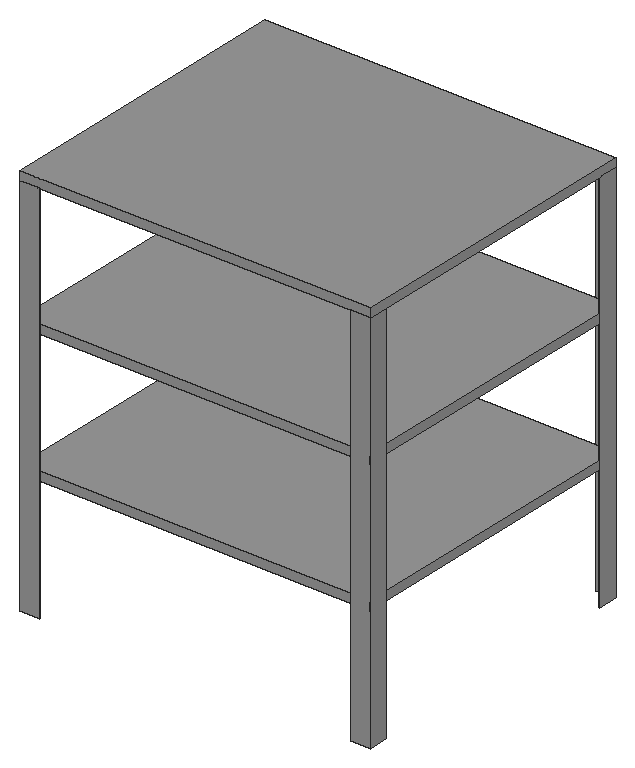
Revit family "AVLN_Стол пеленальный", category Мебель, Revit 2019
Family settings
  Номер OmniClass = 23.40.20.00
  Заголовок OmniClass = General Furniture and Specialties
  На основе рабочей плоскости = Нет
  Всегда вертикально = Да
  При загрузке вырезать с полостями = Нет
  Общий = Нет
  Точка расчета площади = Нет
Parameters (values of type "Стол пеленальный")
  Описание = "Стол пеленальный, 2 полки, 800х700х900"
  М.основы = Металл, окрашенный, белый, матовый
  Type Comments = ""
  Keynote = ""
  Manufacturer = ""
  Группа модели = "Оборудование поликлиники"
  ADSK_Размер_Ширина = 700 mm
  ADSK_Размер_Длина = 800 mm
  ADSK_Размер_Высота = 900 mm
  ADSK_Примечание [instance] = ""
  ADSK_Обозначение = ""
  ADSK_Наименование = ""
  ADSK_Масса = 0
  ADSK_Марка = ""
  ADSK_Код изделия = ""
  ADSK_Единица измерения = "шт"  # constant formula
Reference planes
  plane 1 "По центру (Вперед/Назад)": y = 0
  plane 2: z = 0
  plane 3 "По центру (Влево/Вправо)": x = 0
  plane 4: z = 900
  plane 5: y = 350
  plane 6: x = 400
  plane 7: x = -400
  plane 8: y = -350
  plane 9: y = -185
  plane 10: z = 300
  plane 11: z = 600
Forms (mm)
  Extrusion 1, solid, material "Металл, окрашенный, белый, матовый" <- "М.основы"
    sketch origin (0, -518.993, 592.976) x (-1, 0, 0) y (0, -1, 0)
      loop
        line (400, -868.993) -> (400, -823.993) -> (398, -823.993) -> (398, -866.993) -> (355, -866.993) -> (355, -868.993) -> (400, -868.993)
      loop
        line (-400, -868.993) -> (-355, -868.993) -> (-355, -866.993) -> (-398, -866.993) -> (-398, -823.993) -> (-400, -823.993) -> (-400, -868.993)
      loop
        line (400, -168.993) -> (355, -168.993) -> (355, -170.993) -> (398, -170.993) -> (398, -213.993) -> (400, -213.993) -> (400, -168.993)
      loop
        line (-400, -168.993) -> (-400, -213.993) -> (-398, -213.993) -> (-398, -170.993) -> (-355, -170.993) -> (-355, -168.993) -> (-400, -168.993)
    from -592.976 to 287.024
  Extrusion 2, solid, material "Металл, окрашенный, белый, матовый" <- "М.основы"
    sketch origin (0, -518.993, 592.976) x (-1, 0, 0) y (0, -1, 0)
      loop
        line (-400, -868.993) -> (400, -868.993) -> (400, -168.993) -> (-400, -168.993) -> (-400, -868.993)
    from 287.024 to 307.024
  Extrusion 3, solid, material "Металл, окрашенный, белый, матовый" <- "М.основы"
    sketch origin (0, -518.993, 648.349) x (-1, 0, 0) y (0, -1, 0)
      loop
        line (398, -866.993) -> (398, -170.993) -> (-398, -170.993) -> (-398, -866.993) -> (398, -866.993)
    from -68.349 to -48.349
  Extrusion 4, solid, material "Металл, окрашенный, белый, матовый" <- "М.основы"
    sketch origin (0, -518.993, 614.43) x (-1, 0, 0) y (0, -1, 0)
      loop
        line (398, -866.993) -> (398, -170.993) -> (-398, -170.993) -> (-398, -866.993) -> (398, -866.993)
    from -314.43 to -334.43
Dimensions and locks
  plane 2 to plane 4 = 900 mm
  equal spacing: plane 8, plane 1 "По центру (Вперед/Назад)", plane 5
  equal spacing: plane 7, plane 3 "По центру (Влево/Вправо)", plane 6
  "ADSK_Размер_Длина": plane 7 to plane 6
  "ADSK_Размер_Ширина": plane 5 to plane 8
  "ADSK_Размер_Высота": plane 2 to plane 4
  plane 9 to plane 8 = 165 mm
  plane 5 to plane 9 to plane 8 = 535 mm, 165 mm
  locked: Extrusion 1 sketch curve to Extrusion 1 sketch curve at 45  (x8)
  locked: Extrusion 1 sketch curve to Extrusion 1 sketch curve at 2  (x8)
  locked: Extrusion 2 to plane 4 at 20
  locked: Extrusion 3 to plane 11 at 20
  locked: Extrusion 4 to plane 10 at 20
  plane 10 to plane 11 = 300 mm
  plane 2 to plane 10 = 300 mm
  aligned and locked: level to plane 2
  aligned and locked: Extrusion 1 sketch curve to plane 5  (x2)
  aligned and locked: Extrusion 1 sketch curve to plane 7  (x2)
  aligned and locked: Extrusion 1 sketch curve to plane 6  (x2)
  aligned and locked: Extrusion 1 sketch curve to plane 8  (x2)
  aligned and locked: Extrusion 1 to plane 2
  aligned and locked: Extrusion 2 sketch curve to plane 5
  aligned and locked: Extrusion 2 sketch curve to plane 6
  aligned and locked: Extrusion 2 sketch curve to plane 8
  aligned and locked: Extrusion 2 sketch curve to plane 7
  aligned and locked: Extrusion 2 to plane 4
  aligned and locked: Extrusion 1 to Extrusion 2
  aligned and locked: Extrusion 3 sketch curve to Extrusion 1  (x4)
  aligned and locked: plane 11 to Extrusion 3
  aligned and locked: Extrusion 4 sketch curve to Extrusion 1  (x4)
  aligned and locked: Extrusion 4 to plane 10
